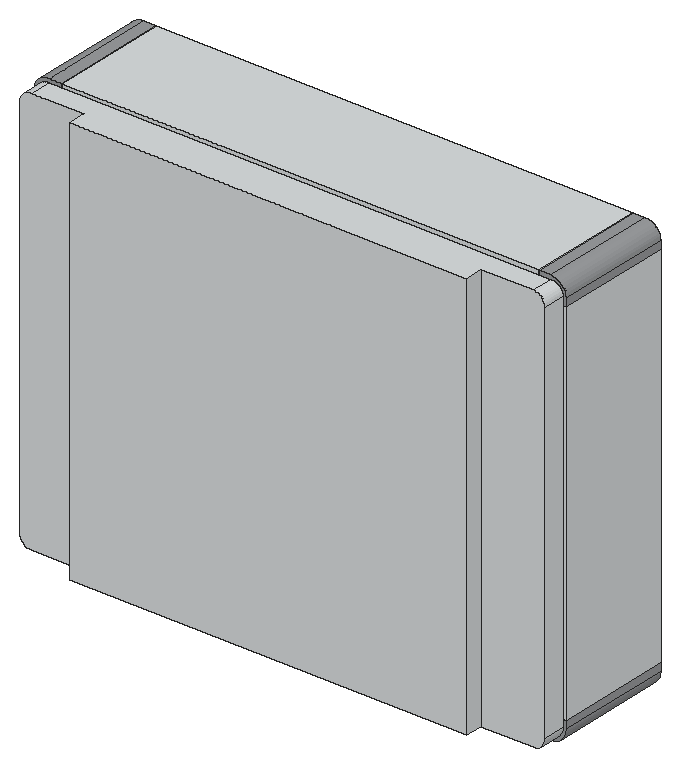
Revit family "Legrand Cabinet XL³ 160 Insulating", category Equipement électrique, Revit 2020
Family settings
  Configuration du panneau = Deux colonnes, circuits au sein
  Cote de connecteur circulaire = Utiliser le diamètre
  Type d'élément = Tableau de raccordement
  Numéro OmniClass = 23.80.30.11.17
  Titre OmniClass = Distribution Boards and Control Panels
  Basée sur le plan de construction = Non
  Toujours verticalement = Oui
  Couper avec des vides une fois chargée = Non
  Partagée = Non
  Point de calcul de pièce = Non
Parameters (values of type "401802-020252")
  built-in parameter 1140140 [instance] = 1 (stored number, unit not read)
  depth installation zone = 720 mm
  Material corner = "Plastic"  # constant formula
  Material = "Steel"  # constant formula
  width installation zone = 1245 mm
  height installation zone = [height (mm)]  # 450 mm
  installation zone [instance] = yes
  URL = "https://www.legrand.fr/"
  depth (mm) = 170 mm
  Modèle = "XL³ 160 Isolant"
  width (mm) = 575 mm
  IPK (kA) = "20"
  IN max (A) = "160"
  ICW (until) (kA) = "NA"
  IP without door = "30"
  IP with door = "43"
  IK without door = "4"
  IK with door = "7"
  height (mm) = 450 mm
  Finish = "Epoxipolyester paint deposited by electrostatic powder"
  General Conditions of Use = "https://export.legrand.com/en/terms-of-use-BIM-objects"
  Fabricant = "Legrand"  # constant formula
  RAL = "7035"
  Elévation par défaut = 0 mm
  built-in parameter 1140142 [instance] = -1
  built-in parameter 1155100 [instance] = -1
Types (6, lengths in mm): name | height installation zone | height (mm)
  (no name) | 1050 | 1050
  401803-020253 | 600 | 600
  401802-020252 | 450 | 450
  401804-020254 | 750 | 750
  401805-020255 | 900 | 900
  401806-020256 | 1050 | 1050
Reference planes
  plane 1 "Centre (avant/arrière)": y = 0
  plane 2: z = 0
  plane 3 "Centre (gauche/droite)": x = 0
  plane 4: y = 85
  plane 5: y = -85
  plane 6: x = -287.5
  plane 7: x = 287.5
  plane 8: z = 450
  plane 9: z = 225
  plane 10: x = -257.5
  plane 11: z = 425
  plane 12: z = 433.5
  plane 13: x = -271
  plane 14: z = 445
  plane 15: z = 5
  plane 16: x = 282.5
  plane 17: x = -282.5
  plane 18: y = 84
  plane 19: y = -42
  plane 20: z = 446
  plane 21: x = 283.5
  plane 22: z = 4
  plane 23: x = -283.5
  plane 24: x = 272.5
  plane 25: x = -262.5
  plane 26: y = -66
Forms (mm)
  Extrusion 1, solid, material "IDS_PLASTIQUE"
    sketch origin (0, 0, 0) x (1, 0, 0) y (0, 0, 1)
      loop
        line (-287.5, 425) -> (-257.5, 425) -> (-257.5, 450) -> (-271, 450)
        arc (-271, 450) -> (-282.667, 445.167) -> (-287.5, 433.5) r 16.5
        line (-287.5, 433.5) -> (-287.5, 425)
      loop
        line (287.5, 425) -> (287.5, 433.5)
        arc (287.5, 433.5) -> (282.667, 445.167) -> (271, 450) r 16.5
        line (271, 450) -> (257.5, 450) -> (257.5, 425) -> (287.5, 425)
      loop
        line (-287.5, 25) -> (-287.5, 16.5)
        arc (-287.5, 16.5) -> (-282.667, 4.833) -> (-271, 0) r 16.5
        line (-271, 0) -> (-257.5, 0) -> (-257.5, 25) -> (-287.5, 25)
      loop
        line (287.5, 25) -> (257.5, 25) -> (257.5, 0) -> (271, 0)
        arc (271, 0) -> (282.667, 4.833) -> (287.5, 16.5) r 16.5
        line (287.5, 16.5) -> (287.5, 25)
    from -85 to 42
  Extrusion 2, solid, material "IDS_ACIER"
    sketch origin (0, 0, 0) x (1, 0, 0) y (0, 0, 1)
      loop
        line (-257.5, 450) -> (-257.5, 425) -> (257.5, 425) -> (257.5, 450) -> (-257.5, 450)
      loop
        line (-257.5, 0) -> (257.5, 0) -> (257.5, 25) -> (-257.5, 25) -> (-257.5, 0)
    from -85 to 42
  Extrusion 3, solid, material "IDS_ACIER"
    sketch origin (0, 0, 0) x (1, 0, 0) y (0, 0, 1)
      loop
        line (-287.5, 425) -> (-287.5, 25) -> (-257.5, 25) -> (-257.5, 425) -> (-287.5, 425)
      loop
        line (287.5, 425) -> (257.5, 425) -> (257.5, 25) -> (287.5, 25) -> (287.5, 425)
    from -85 to 42
  Extrusion 4, solid, material "IDS_ACIER"
    sketch origin (0, 0, 0) x (1, 0, 0) y (0, 0, 1)
      loop
        line (-282.5, 445) -> (-282.5, 5) -> (282.5, 5) -> (282.5, 445) -> (-282.5, 445)
    from -85 to -84
  Extrusion 5, solid, material "IDS_ACIER"
    sketch origin (0, 0, 0) x (1, 0, 0) y (0, 0, 1)
      loop
        line (-283.5, 433.5) -> (-283.5, 16.5)
        arc (-283.5, 16.5) -> (-279.839, 7.661) -> (-271, 4) r 12.5
        line (-271, 4) -> (271, 4)
        arc (271, 4) -> (279.839, 7.661) -> (283.5, 16.5) r 12.5
        line (283.5, 16.5) -> (283.5, 433.5)
        arc (283.5, 433.5) -> (279.839, 442.339) -> (271, 446) r 12.5
        line (271, 446) -> (-271, 446)
        arc (-271, 446) -> (-279.839, 442.339) -> (-283.5, 433.5) r 12.5
    from 42 to 66
  Extrusion 6, solid, material "IDS_ACIER"
    sketch origin (0, 0, 0) x (1, 0, 0) y (0, 1, 0)
      loop
        line (-214.5, -66) -> (-214.5, -85) -> (214.5, -85) -> (214.5, -66) -> (-214.5, -66)
    from 4 to 446
Cuts and joins
  joined: Extrusion 2, Extrusion 3, Extrusion 4
  joined: Extrusion 5, Extrusion 6
Dimensions and locks
  equal spacing: plane 6, plane 3 "Centre (gauche/droite)", plane 7
  equal spacing: plane 4, plane 1 "Centre (avant/arrière)", plane 5
  "width (mm)": plane 6 to plane 7
  "depth (mm)": plane 4 to plane 5
  "height (mm)": plane 8 to plane 2
  equal spacing: plane 8, plane 9, plane 2
  locked: plane 10 to plane 6 at 30
  locked: plane 8 to plane 11 at 25
  locked: plane 13 to plane 6 at 16.5
  locked: plane 8 to plane 12 at 16.5
  locked: plane 8 to plane 14 at 5
  locked: plane 15 to plane 2 at 5
  locked: plane 17 to plane 6 at 5
  locked: plane 7 to plane 16 at 5
  locked: plane 18 to plane 4 at 1
  locked: plane 5 to plane 19 at 43
  locked: plane 7 to plane 21 at 4
  locked: plane 22 to plane 2 at 4
  equal spacing: plane 20, plane 9, plane 22
  equal spacing: plane 21, plane 3 "Centre (gauche/droite)", plane 23
  locked: plane 7 to plane 24 at 15
  locked: plane 25 to plane 6 at 25
  locked: plane 26 to plane 5 at 19
  Extrusion 6 sketch curve to Extrusion 6 sketch curve = 429 mm
  locked: plane 6 to Extrusion 6 sketch curve at 73
  aligned and locked: level to plane 2
  aligned and locked: plane 11 to Extrusion 1 sketch curve
  aligned and locked: Extrusion 1 sketch curve to plane 10
  aligned and locked: plane 6 to Extrusion 1 sketch curve
  aligned and locked: plane 4 to Extrusion 1
  aligned and locked: Extrusion 2 sketch curve to plane 8
  aligned and locked: Extrusion 2 sketch curve to Extrusion 1  (x3)
  aligned and locked: plane 4 to Extrusion 2
  aligned and locked: plane 6 to Extrusion 3 sketch curve
  aligned and locked: Extrusion 3 sketch curve to Extrusion 1  (x3)
  aligned and locked: plane 4 to Extrusion 3
  aligned and locked: Extrusion 4 sketch curve to plane 14
  aligned and locked: plane 17 to Extrusion 4 sketch curve
  aligned and locked: plane 15 to Extrusion 4 sketch curve
  aligned and locked: Extrusion 4 sketch curve to plane 16
  aligned and locked: plane 4 to Extrusion 4
  aligned and locked: Extrusion 1 to plane 19
  aligned and locked: Extrusion 1 to Extrusion 3
  aligned and locked: Extrusion 2 to Extrusion 1
  aligned and locked: Extrusion 5 sketch curve to plane 20
  aligned and locked: plane 23 to Extrusion 5 sketch curve
  aligned and locked: plane 22 to Extrusion 5 sketch curve
  aligned and locked: Extrusion 5 sketch curve to plane 21
  aligned and locked: plane 19 to Extrusion 5
  aligned and locked: cut or joined group of Extrusion 2, Extrusion 3, Extrusion 4 to plane 18
  aligned and locked: Extrusion 5 to plane 26
  aligned and locked: Extrusion 6 sketch curve to plane 26
  aligned and locked: Extrusion 6 sketch curve to plane 5
  aligned and locked: cut or joined group of Extrusion 5, Extrusion 6 to cut or joined group of Extrusion 5, Extrusion 6  (x2)
Automatic sketch dimensions
  Extrusion 1 sketch curve to plane 6 = 0 mm
  Extrusion 1 sketch curve to plane 8 = 0 mm  (x2)
  Extrusion 1 sketch curve to plane 13 = 0 mm
  plane 13 to Extrusion 1 sketch curve = 0 mm
  Extrusion 1 sketch curve to plane 10 = 0 mm
  Extrusion 1 sketch curve to level = 0 mm  (x2)
  Extrusion 1 sketch curve to plane 11 = 0 mm
  Extrusion 1 sketch curve to plane 12 = 0 mm
  Extrusion 1 sketch curve to plane 7 = 0 mm  (x2)
  Extrusion 1 sketch curve to Extrusion 1 sketch curve = 13.5 mm  (x2)
  Extrusion 1 sketch curve to plane 7 = 30 mm
  Extrusion 1 sketch curve to Extrusion 1 sketch curve = 8.5 mm  (x2)
  Extrusion 2 sketch curve to level = 0 mm
  plane 6 to Extrusion 2 sketch curve = 30 mm
  Extrusion 2 sketch curve to plane 7 = 30 mm
  level to Extrusion 2 sketch curve = 25 mm
  Extrusion 3 sketch curve to plane 7 = 0 mm
  Extrusion 3 sketch curve to plane 7 = 30 mm
  level to Extrusion 3 sketch curve = 25 mm
  Extrusion 3 sketch curve to plane 8 = 25 mm
  plane 6 to Extrusion 5 sketch curve = 16.5 mm
  Extrusion 5 sketch curve to Extrusion 5 sketch curve = 12.5 mm
  Extrusion 5 sketch curve to plane 7 = 16.5 mm  (x2)
Connectors
  electrical at (0, 85, 225)
    settings: on cut or joined group of Extrusion 2, Extrusion 3, Extrusion 4, index 1, voltage 0 V, apparent load 0 VA, apparent load phase1 0 VA, apparent load phase2 0 VA, apparent load phase3 0 VA, power factor 1, load classification "Autre", number of poles 1, system type 31, power factor state 1, is connector primary yes, connector utility no, sub classification motor no, connector description ""
